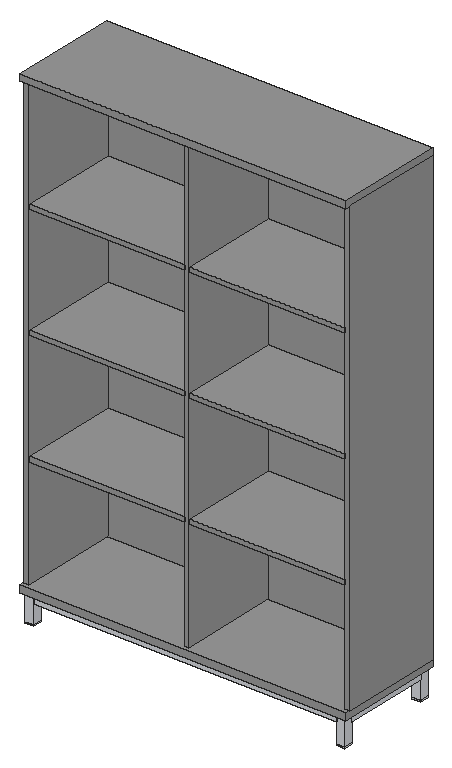
Revit family "Open Fronted Modular Storage With Glass Door Options", category Furniture, Revit 2019 (continued)
Definition of nested family "Glass Doors - GHD1 - Level 1"
  Definition of nested family "Handle Type B-1"
    Automatic sketch dimensions
      plane 1 "Center (Front/Back)" to Extrusion 11 sketch curve = 26.024 mm
      Extrusion 11 sketch curve to plane 3 "Center (Left/Right)" = 39.368 mm
      Extrusion 11 sketch curve to Extrusion 11 sketch curve = 1.632 mm
      plane 3 "Center (Left/Right)" to Extrusion 12 sketch curve = 4.368 mm
      plane 1 "Center (Front/Back)" to Extrusion 12 sketch curve = 56.707 mm
      Extrusion 12 sketch curve to Extrusion 12 sketch curve = 25.409 mm
      Extrusion 12 sketch curve to Extrusion 12 sketch curve = 1.632 mm
      plane 3 "Center (Left/Right)" to Extrusion 13 sketch curve = 9.368 mm
      plane 1 "Center (Front/Back)" to Extrusion 13 sketch curve = 56.707 mm
      Extrusion 13 sketch curve to Extrusion 13 sketch curve = 26.707 mm
      Extrusion 13 sketch curve to Extrusion 13 sketch curve = 1.632 mm
      plane 3 "Center (Left/Right)" to Extrusion 14 sketch curve = 14.368 mm
      plane 1 "Center (Front/Back)" to Extrusion 14 sketch curve = 56.707 mm
      Extrusion 14 sketch curve to Extrusion 14 sketch curve = 26.707 mm
      Extrusion 14 sketch curve to Extrusion 14 sketch curve = 1.632 mm
      plane 3 "Center (Left/Right)" to Extrusion 15 sketch curve = 19.368 mm
      plane 1 "Center (Front/Back)" to Extrusion 15 sketch curve = 56.707 mm
      Extrusion 15 sketch curve to Extrusion 15 sketch curve = 27.176 mm
      Extrusion 15 sketch curve to Extrusion 15 sketch curve = 1.632 mm
      plane 3 "Center (Left/Right)" to Extrusion 16 sketch curve = 24.368 mm
      plane 1 "Center (Front/Back)" to Extrusion 16 sketch curve = 56.707 mm
      Extrusion 16 sketch curve to Extrusion 16 sketch curve = 27.719 mm
      Extrusion 16 sketch curve to Extrusion 16 sketch curve = 1.632 mm
      plane 1 "Center (Front/Back)" to Extrusion 17 sketch curve = 56.707 mm
      plane 1 "Center (Front/Back)" to Extrusion 17 sketch curve = 28.173 mm
      plane 3 "Center (Left/Right)" to Extrusion 17 sketch curve = 31 mm
      Extrusion 17 sketch curve to Extrusion 17 sketch curve = 1.632 mm
      plane 1 "Center (Front/Back)" to Extrusion 18 sketch curve = 56.707 mm
      plane 1 "Center (Front/Back)" to Extrusion 18 sketch curve = 27.389 mm
      plane 3 "Center (Left/Right)" to Extrusion 18 sketch curve = 36 mm
      Extrusion 18 sketch curve to Extrusion 18 sketch curve = 1.632 mm
      plane 1 "Center (Front/Back)" to Extrusion 19 sketch curve = 56.707 mm
      plane 1 "Center (Front/Back)" to Extrusion 19 sketch curve = 26.024 mm
      plane 3 "Center (Left/Right)" to Extrusion 19 sketch curve = 41 mm
      Extrusion 19 sketch curve to Extrusion 19 sketch curve = 1.632 mm
      curve 4 to plane 1 "Center (Front/Back)" = 0 mm
      level to curve 4 = 994.578 mm
      radius of Extrusion 2 sketch curve = 4 mm  (x2)
  Definition of nested family "Handle Type D-1"
    Parameters (values of type "Handle Type D-1")
      URL = "www.gof.co.uk"
      Type Comments = ""
      Range = "STORAGE"
      Handle Type D = none
      Product Code = "Handle Type D"
      Model = ""
      Manufacturer = "Gresham Office Furniture"  # constant formula
      Assembly Code = "E2020200"
    Reference planes
      plane 1 "Center (Front/Back)": y = 0
      plane 2: z = 0
      plane 3 "Center (Left/Right)": x = 0
      plane 4: x = -475
      plane 5: x = 475
      plane 6: y = 260
      plane 7: y = -260
    Forms (mm)
      Extrusion 1, solid
        sketch origin (994.578, 0, 994.578) x (0, 0, 1) y (0, 1, 0)
          loop
            line (5, 0) -> (-5, 0) -> (-5, -6.91)
            arc (-5, -6.91) -> (-7.006, -15.176) -> (0, -20) r 7.5
            arc (0, -20) -> (7.006, -15.176) -> (5, -6.91) r 7.5
            line (5, -6.91) -> (5, 0)
        from 919.578 to 1069.578
    Lines and regions (mm)
      model lines, not visible, detail levels coarse+medium
        curve 1: line (75, 0, 999.578) -> (75, 0, 989.578)
        curve 2: line (-75, 0, 999.578) -> (-75, 0, 989.578)
      model lines, detail levels coarse+medium
        curve 3: line (-75, 0, 994.578) -> (75, 0, 994.578)
      model lines, not visible
        curve 4: line (0, 0, 999.578) -> (0, 0, 989.578)
    Dimensions and locks
      aligned and locked: level to plane 2
Definition of nested family "Glass Doors - GHD1 - Level 3"
  Parameters (values of type "Glass Doors - GHD1 - Level 3")
    Width = 1200 mm
    URL = "www.gof.co.uk"
    Range = "STORAGE"
    Product Data Specification = ""
    Product Code = "GHD1"
    Product Brochure = ""
    Model = "BOOKCASE"
    Manufacturer = "Gresham Office Furniture"  # constant formula
    Height = 1816 mm
    Handle Type D [instance] = no
    Handle Type C [instance] = yes
    Handle Type B [instance] = no
    Doors = none
    Depth = 378 mm
  Reference planes
    plane 1 "Center (Front/Back)": y = 0
    plane 2: z = 0
    plane 3 "Center (Left/Right)": x = 0
    plane 4: x = -600
    plane 5: x = 600
    plane 6: y = 189
    plane 7 "Front": y = -189
    plane 8 "Storage Top": z = 1816
    plane 9: z = 1803.5
    plane 10 "Door Front": y = -171
    plane 11: z = 112.5
    plane 12: z = 1791
    plane 13: z = 1400
    plane 14: z = 984
    plane 15: z = 959
    plane 16: z = 1375
    plane 17: z = 125
    plane 18: z = 100
  Forms (mm)
    Extrusion 1, solid, material <- "Doors"
      sketch origin (-839.743, -182, 1535.4) x (1, 0, 0) y (0, 0, 1)
        loop
          line (840.743, -575.4) -> (1439.743, -575.4) -> (1439.743, -163.4) -> (840.743, -163.4) -> (840.743, -575.4)
      from 0 to 7
    Extrusion 2, solid, material <- "Doors"
      sketch origin (839.743, -182, 1535.4) x (-1, 0, 0) y (0, 0, -1)
        loop
          line (840.743, 575.4) -> (840.743, 163.4) -> (1439.743, 163.4) -> (1439.743, 575.4) -> (840.743, 575.4)
      from 0 to 7
    Extrusion 3, solid
      sketch origin (0, -189, 416) x (-1, 0, 0) y (0, 0, 1)
        loop
          arc (570, 926) -> (553, 909) -> (570, 892) r 17
          line (570, 892) -> (595, 892) -> (595, 926) -> (570, 926)
      from 0 to -5
    Extrusion 4, solid
      sketch origin (0, -189, 416) x (1, 0, 0) y (0, 0, -1)
        loop
          line (570, -926) -> (595, -926) -> (595, -892) -> (570, -892)
          arc (570, -892) -> (553, -909) -> (570, -926) r 17
      from 0 to -5
    Extrusion 5, solid
      sketch origin (0, -189, 1916) x (-1, 0, 0) y (0, 0, 1)
        loop
          line (570, -926) -> (595, -926) -> (595, -892) -> (570, -892)
          arc (570, -892) -> (553, -909) -> (570, -926) r 17
      from 0 to -5
    Extrusion 6, solid
      sketch origin (0, -189, 1916) x (1, 0, 0) y (0, 0, -1)
        loop
          arc (570, 926) -> (553, 909) -> (570, 892) r 17
          line (570, 892) -> (595, 892) -> (595, 926) -> (570, 926)
      from 0 to -5
  Dimensions and locks
    equal spacing: plane 4, plane 3 "Center (Left/Right)", plane 5
    "Width": plane 4 to plane 5
    equal spacing: plane 6, plane 1 "Center (Front/Back)", plane 7 "Front"
    "Depth": plane 6 to plane 7 "Front"
    "Height": plane 8 "Storage Top" to plane 2
    locked: plane 8 "Storage Top" to plane 9 at 12.5
    locked: plane 10 "Door Front" to plane 7 "Front" at 18
    locked: plane 11 to level at 112.5
    locked: plane 8 "Storage Top" to plane 12 at 25
    plane 12 to plane 11 = 1678.5 mm  (x2)
    locked: plane 13 to level at 1400
    locked: plane 14 to level at 984
    locked: plane 14 to plane 15 at 25
    locked: plane 13 to plane 16 at 25
    locked: plane 17 to plane 18 at 25
    locked: Extrusion 1 to Extrusion 1 at 412
    locked: Extrusion 1 to nested 3 at 99
    locked: Extrusion 1 to nested 4 at 99
    locked: Extrusion 2 to Extrusion 2 at 412
    locked: Extrusion 2 to nested 6 at 99
    locked: Extrusion 2 to nested 5 at 99
    locked: Extrusion 2 to Extrusion 3 at 5
    locked: Extrusion 2 to Extrusion 3 at 30
    locked: Extrusion 5 to Extrusion 2 at 30
    locked: plane 4 to Extrusion 5 at 5
    locked: Extrusion 4 to plane 5 at 5
    locked: plane 16 to Extrusion 1 at 3
    nested 1 to Extrusion 1 = 84 mm
    nested 2 to Extrusion 2 = 84 mm
    Extrusion 2 to nested 2 = 99 mm
    Extrusion 1 to nested 1 = 99 mm
    aligned and locked: level to plane 2
    aligned and locked: Extrusion 5 to Extrusion 6
    aligned and locked: Extrusion 4 to Extrusion 3
    aligned and locked: Extrusion 6 to Extrusion 4
  Automatic sketch dimensions
    plane 5 to Extrusion 1 sketch curve = 0 mm
    plane 3 "Center (Left/Right)" to Extrusion 1 sketch curve = 1 mm
    plane 15 to Extrusion 1 sketch curve = 1 mm
    plane 16 to Extrusion 1 sketch curve = 3 mm
    Extrusion 2 sketch curve to plane 4 = 0 mm
    Extrusion 2 sketch curve to plane 3 "Center (Left/Right)" = 1 mm
    plane 16 to Extrusion 2 sketch curve = 3 mm
    plane 15 to Extrusion 2 sketch curve = 1 mm
    plane 4 to Extrusion 3 sketch curve = 30 mm
    plane 4 to Extrusion 3 sketch curve = 5 mm
    plane 16 to Extrusion 3 sketch curve = 67 mm
    Extrusion 3 sketch curve to Extrusion 3 sketch curve = 17 mm
    Extrusion 4 sketch curve to plane 5 = 30 mm
    Extrusion 4 sketch curve to plane 5 = 5 mm
    Extrusion 4 sketch curve to plane 16 = 67 mm
    Extrusion 4 sketch curve to Extrusion 4 sketch curve = 17 mm
    plane 14 to Extrusion 5 sketch curve = 6 mm
    Extrusion 5 sketch curve to plane 4 = 30 mm
    Extrusion 5 sketch curve to plane 4 = 5 mm
    Extrusion 5 sketch curve to Extrusion 5 sketch curve = 17 mm
    Extrusion 6 sketch curve to plane 14 = 6 mm
    plane 5 to Extrusion 6 sketch curve = 30 mm
    plane 5 to Extrusion 6 sketch curve = 5 mm
    Extrusion 6 sketch curve to Extrusion 6 sketch curve = 17 mm
  Nested families
    nested 1: "Handle Type C-1" at (175, -189, 62.862) x (-1, 0, 0) z (0, 0, 1), visible <- "Handle Type C", type "Handle Type C-1"
    nested 2: "Handle Type C-1" at (-175, -189, 62.862), visible <- "Handle Type C", type "Handle Type C-1"
    nested 3: "Handle Type B-1" at (175, -189, 49.422) x (-1, 0, 0) z (0, 0, 1), visible <- "Handle Type B", type "Handle Type B-1"
    nested 4: "Handle Type D-1" at (175, -189, 49.422) x (-1, 0, 0) z (0, 0, 1), visible <- "Handle Type D", type "Handle Type D-1"
    nested 5: "Handle Type B-1" at (-175, -189, 49.422), visible <- "Handle Type B", type "Handle Type B-1"
    nested 6: "Handle Type D-1" at (-175, -189, 49.422), visible <- "Handle Type D", type "Handle Type D-1"
  Definition of nested family "Handle Type C-1"
    Parameters (values of type "Handle Type C-1")
      URL = "www.gof.co.uk"
      Type Comments = ""
      Range = "STORAGE"
      Handle Type C = none
      Product Code = "Handle Type C"
      Model = ""
      Manufacturer = "Gresham Office Furniture"  # constant formula
      Assembly Code = "E2020200"
    Reference planes
      plane 1 "Center (Front/Back)": y = 0
      plane 2: z = 0
      plane 3 "Center (Left/Right)": x = 0
      plane 4: x = -475
      plane 5: x = 475
      plane 6 "Storage Top": z = 2007
      plane 7: y = 260
      plane 8: y = -260
    Forms (mm)
      Extrusion 1, void
        sketch origin (981.138, 0, 981.138) x (0, 1, 0) y (-1, 0, 0)
          loop
            line (0, 1072) -> (0, 884.5) -> (27.401, 884.5) -> (27.401, 1072) -> (0, 1072)
        from -12.204 to 11.22
      Sweep 2, solid, material <- "Handle Type C"
        path in 3D
          loop
            arc (-78.75, 3.75, 981.138) -> (0, -30, 981.138) -> (78.75, 3.75, 981.138) r 108.75
        profile origin (0, -30, 981.138) x (0, 1, 0) y (0, 0, 1)
          loop
            circle (0, 0) r 5
    Cuts and joins
      Extrusion 1 cuts Sweep 2
    Lines and regions (mm)
      model lines, detail levels coarse+medium
        curve 1: line (68, 0, 981.138) -> (-68, 0, 981.138)
      model lines, not visible, detail levels coarse+medium
        curve 2: line (0, 0, 986.138) -> (0, 0, 976.138)
      model lines, not visible
        curve 3: line (0, 0, 981.138) -> (0, -30, 981.138)
        curve 5: line (-75, 0, 976.138) -> (-75, 0, 986.138)
        curve 6: line (75, 0, 986.138) -> (75, 0, 976.138)
      sketch lines
        curve 4: arc (-78.75, 3.75, 981.138) -> (0, -30, 981.138) -> (78.75, 3.75, 981.138) r 108.75
    Dimensions and locks
      equal spacing: plane 4, plane 3 "Center (Left/Right)", plane 5
      locked: plane 4 to plane 5 at 950
      equal spacing: plane 7, plane 1 "Center (Front/Back)", plane 8
      locked: plane 7 to plane 8 at 520
      aligned and locked: level to plane 2
    Automatic sketch dimensions
      curve 3 to plane 1 "Center (Front/Back)" = 0 mm
      plane 1 "Center (Front/Back)" to curve 3 = 30 mm
      curve 2 to plane 3 "Center (Left/Right)" = 0 mm
      level to curve 2 = 976.138 mm
      curve 1 to plane 3 "Center (Left/Right)" = 68 mm
      curve 5 to curve 1 = 7 mm
      plane 3 "Center (Left/Right)" to curve 1 = 68 mm
      curve 1 to curve 6 = 7 mm
      curve 6 to curve 2 = 0 mm
      curve 5 to curve 2 = 0 mm
      curve 5 to curve 1 = 5 mm
      curve 1 to curve 6 = 5 mm
      curve 1 to curve 5 = 5 mm
      curve 2 to curve 2 = 10 mm
      plane 1 "Center (Front/Back)" to Extrusion 1 sketch curve = 0 mm
      Extrusion 1 sketch curve to plane 1 "Center (Front/Back)" = 27.401 mm
      plane 3 "Center (Left/Right)" to Extrusion 1 sketch curve = 96.638 mm
      Extrusion 1 sketch curve to plane 3 "Center (Left/Right)" = 90.862 mm
      Sweep 2 sketch curve to profile plane = 0 mm  (x2)
      level to curve 3 = 981.138 mm
      radius of Sweep 2 sketch curve = 5 mm
  Definition of nested family "Handle Type B-1"
    Parameters (values of type "Handle Type B-1")
      URL = "www.gof.co.uk"
      Type Comments = ""
      Range = "STORAGE"
      Handle Type B = none
      Product Code = "Handle Type B"
      Model = ""
      Manufacturer = "Gresham Office Furniture"  # constant formula
      Assembly Code = "E2020200"
    Reference planes
      plane 1 "Center (Front/Back)": y = 0
      plane 2: z = 0
      plane 3 "Center (Left/Right)": x = 0
      plane 4: x = -475
      plane 5: x = 475
      plane 6: y = 260
      plane 7: y = -260
    Forms (mm)
      Extrusion 1, void
        sketch origin (872.923, -128.373, 994.578) x (0, 1, 0) y (-1, 0, 0)
          loop
            line (71.667, 873.923) -> (71.667, 872.291) -> (97.075, 872.291) -> (97.075, 873.923) -> (71.667, 873.923)
        from -6 to 6
      Extrusion 2, solid
        sketch origin (988.138, 0, 994.578) x (0, 0, 1) y (-1, 0, 0)
          loop
            circle (0, 1063.138) r 4
          loop
            circle (0, 913.138) r 4
        from 0 to 10.354
      Sweep 3, solid
        path in 3D
          loop
            arc (-85, -5, 994.578) -> (0, -30, 994.578) -> (85, -5, 994.578) r 157
        profile origin (0, -30, 994.578) x (0, 1, 0) y (0, 0, 1)
          loop
            spline (0, 7.5) -> (-0.776, 7.244) -> (-1.5, 6.495) -> (-2.121, 5.303) -> (-2.598, 3.75) -> (-2.898, 1.941) -> (-3, 0) -> (-2.898, -1.941) -> (-2.598, -3.75) -> (-2.121, -5.303) -> (-1.5, -6.495) -> (-0.776, -7.244) -> (0, -7.5)
            spline (0, -7.5) -> (0.776, -7.244) -> (1.5, -6.495) -> (2.121, -5.303) -> (2.598, -3.75) -> (2.898, -1.941) -> (3, 0) -> (2.898, 1.941) -> (2.598, 3.75) -> (2.121, 5.303) -> (1.5, 6.495) -> (0.776, 7.244) -> (0, 7.5)
      Extrusion 4, void
        sketch origin (867.923, -128.373, 994.578) x (0, 1, 0) y (-1, 0, 0)
          loop
            line (71.667, 873.923) -> (71.667, 872.291) -> (97.075, 872.291) -> (97.075, 873.923) -> (71.667, 873.923)
        from -6 to 6
      Extrusion 5, void
        sketch origin (862.923, -128.373, 994.578) x (0, 1, 0) y (-1, 0, 0)
          loop
            line (71.667, 873.923) -> (71.667, 872.291) -> (98.373, 872.291) -> (98.373, 873.923) -> (71.667, 873.923)
        from -6 to 6
      Extrusion 6, void
        sketch origin (857.923, -128.373, 994.578) x (0, 1, 0) y (-1, 0, 0)
          loop
            line (71.667, 873.923) -> (71.667, 872.291) -> (98.373, 872.291) -> (98.373, 873.923) -> (71.667, 873.923)
        from -6 to 6
      Extrusion 7, void
        sketch origin (852.923, -128.373, 994.578) x (0, 1, 0) y (-1, 0, 0)
          loop
            line (71.667, 873.923) -> (71.667, 872.291) -> (98.842, 872.291) -> (98.842, 873.923) -> (71.667, 873.923)
        from -6 to 6
      Extrusion 8, void
        sketch origin (847.923, -128.373, 994.578) x (0, 1, 0) y (-1, 0, 0)
          loop
            line (71.667, 873.923) -> (71.667, 872.291) -> (99.385, 872.291) -> (99.385, 873.923) -> (71.667, 873.923)
        from -6 to 6
      Extrusion 9, void
        sketch origin (842.923, -128.373, 994.578) x (0, 1, 0) y (-1, 0, 0)
          loop
            line (71.667, 873.923) -> (71.667, 872.291) -> (100.2, 872.291) -> (100.2, 873.923) -> (71.667, 873.923)
        from -6 to 6
      Extrusion 10, void
        sketch origin (837.923, -128.373, 994.578) x (0, 1, 0) y (-1, 0, 0)
          loop
            line (71.667, 873.923) -> (71.667, 872.291) -> (100.984, 872.291) -> (100.984, 873.923) -> (71.667, 873.923)
        from -6 to 6
      Extrusion 11, void
        sketch origin (832.923, -128.373, 994.578) x (0, 1, 0) y (-1, 0, 0)
          loop
            line (71.667, 873.923) -> (71.667, 872.291) -> (102.35, 872.291) -> (102.35, 873.923) -> (71.667, 873.923)
        from -6 to 6
      Extrusion 12, void
        sketch origin (-867.923, -128.373, 994.578) x (0, 1, 0) y (-1, 0, 0)
          loop
            line (71.667, -873.923) -> (97.075, -873.923) -> (97.075, -872.291) -> (71.667, -872.291) -> (71.667, -873.923)
        from -6 to 6
      Extrusion 13, void
        sketch origin (-862.923, -128.373, 994.578) x (0, 1, 0) y (-1, 0, 0)
          loop
            line (71.667, -873.923) -> (98.373, -873.923) -> (98.373, -872.291) -> (71.667, -872.291) -> (71.667, -873.923)
        from -6 to 6
      Extrusion 14, void
        sketch origin (-857.923, -128.373, 994.578) x (0, 1, 0) y (-1, 0, 0)
          loop
            line (71.667, -873.923) -> (98.373, -873.923) -> (98.373, -872.291) -> (71.667, -872.291) -> (71.667, -873.923)
        from -6 to 6
      Extrusion 15, void
        sketch origin (-852.923, -128.373, 994.578) x (0, 1, 0) y (-1, 0, 0)
          loop
            line (71.667, -873.923) -> (98.842, -873.923) -> (98.842, -872.291) -> (71.667, -872.291) -> (71.667, -873.923)
        from -6 to 6
      Extrusion 16, void
        sketch origin (-847.923, -128.373, 994.578) x (0, 1, 0) y (-1, 0, 0)
          loop
            line (71.667, -873.923) -> (99.385, -873.923) -> (99.385, -872.291) -> (71.667, -872.291) -> (71.667, -873.923)
        from -6 to 6
      Extrusion 17, void
        sketch origin (-842.923, -128.373, 994.578) x (0, 1, 0) y (-1, 0, 0)
          loop
            line (71.667, -873.923) -> (100.2, -873.923) -> (100.2, -872.291) -> (71.667, -872.291) -> (71.667, -873.923)
        from -6 to 6
      Extrusion 18, void
        sketch origin (-837.923, -128.373, 994.578) x (0, 1, 0) y (-1, 0, 0)
          loop
            line (71.667, -873.923) -> (100.984, -873.923) -> (100.984, -872.291) -> (71.667, -872.291) -> (71.667, -873.923)
        from -6 to 6
      Extrusion 19, void
        sketch origin (-832.923, -128.373, 994.578) x (0, 1, 0) y (-1, 0, 0)
          loop
            line (71.667, -873.923) -> (102.35, -873.923) -> (102.35, -872.291) -> (71.667, -872.291) -> (71.667, -873.923)
        from -6 to 6
    Cuts and joins
      Extrusion 1, Extrusion 4, Extrusion 5, Extrusion 6, Extrusion 7, Extrusion 8, Extrusion 9, Extrusion 10, Extrusion 11, Extrusion 12, Extrusion 13, Extrusion 14, Extrusion 15, Extrusion 16, Extrusion 17, Extrusion 18, Extrusion 19 cuts Sweep 3
    Lines and regions (mm)
      model lines, not visible, detail levels coarse+medium
        curve 1: line (75, 0, 999.578) -> (75, 0, 989.578)
      model lines, not visible
        curve 2: line (-75, 0, 999.578) -> (-75, 0, 989.578)
        curve 4: line (0, 0, 994.578) -> (0, -30, 994.578)
        curve 6: line (0, 0, 999.578) -> (0, 0, 989.578)
      model lines
        curve 3: line (-75, 0, 994.578) -> (75, 0, 994.578)
      sketch lines
        curve 5: arc (-85, -5, 994.578) -> (0, -30, 994.578) -> (85, -5, 994.578) r 157
    Dimensions and locks
      equal spacing: plane 4, plane 3 "Center (Left/Right)", plane 5
      locked: plane 4 to plane 5 at 950
      equal spacing: plane 6, plane 1 "Center (Front/Back)", plane 7
      locked: plane 6 to plane 7 at 520
      aligned and locked: level to plane 2
    Automatic sketch dimensions
      curve 4 to curve 4 = 30 mm
      curve 6 to plane 3 "Center (Left/Right)" = 0 mm
      plane 3 "Center (Left/Right)" to curve 1 = 75 mm
      level to curve 1 = 989.578 mm
      curve 3 to plane 3 "Center (Left/Right)" = 75 mm
      curve 2 to curve 1 = 0 mm
      curve 6 to curve 1 = 0 mm
      curve 2 to curve 3 = 5 mm
      curve 6 to curve 6 = 10 mm
      curve 3 to curve 2 = 5 mm
      curve 3 to curve 1 = 5 mm
      plane 3 "Center (Left/Right)" to Extrusion 1 sketch curve = 0.632 mm
      plane 1 "Center (Front/Back)" to Extrusion 1 sketch curve = 56.707 mm
      Extrusion 1 sketch curve to Extrusion 1 sketch curve = 25.409 mm
      Extrusion 1 sketch curve to plane 3 "Center (Left/Right)" = 1 mm
      plane 3 "Center (Left/Right)" to Extrusion 2 sketch curve = 75 mm
      level to Extrusion 2 sketch curve = 994.578 mm
      Extrusion 2 sketch curve to plane 3 "Center (Left/Right)" = 75 mm
      Extrusion 2 sketch curve to Extrusion 2 sketch curve = 0 mm
      Sweep 3 sketch curve to profile plane = 0 mm  (x2)
      Sweep 3 sketch curve to Sweep 3 sketch curve = 7.5 mm
      Extrusion 4 sketch curve to plane 3 "Center (Left/Right)" = 4.368 mm
      plane 1 "Center (Front/Back)" to Extrusion 4 sketch curve = 56.707 mm
      Extrusion 4 sketch curve to Extrusion 4 sketch curve = 25.409 mm
      Extrusion 4 sketch curve to Extrusion 4 sketch curve = 1.632 mm
      Extrusion 5 sketch curve to plane 3 "Center (Left/Right)" = 9.368 mm
      plane 1 "Center (Front/Back)" to Extrusion 5 sketch curve = 56.707 mm
      Extrusion 5 sketch curve to Extrusion 5 sketch curve = 26.707 mm
      Extrusion 5 sketch curve to Extrusion 5 sketch curve = 1.632 mm
      Extrusion 6 sketch curve to plane 3 "Center (Left/Right)" = 14.368 mm
      plane 1 "Center (Front/Back)" to Extrusion 6 sketch curve = 56.707 mm
      Extrusion 6 sketch curve to Extrusion 6 sketch curve = 26.707 mm
      Extrusion 6 sketch curve to Extrusion 6 sketch curve = 1.632 mm
      Extrusion 7 sketch curve to plane 3 "Center (Left/Right)" = 19.368 mm
      plane 1 "Center (Front/Back)" to Extrusion 7 sketch curve = 56.707 mm
      Extrusion 7 sketch curve to Extrusion 7 sketch curve = 27.176 mm
      Extrusion 7 sketch curve to Extrusion 7 sketch curve = 1.632 mm
      Extrusion 8 sketch curve to plane 3 "Center (Left/Right)" = 24.368 mm
      plane 1 "Center (Front/Back)" to Extrusion 8 sketch curve = 56.707 mm
      Extrusion 8 sketch curve to Extrusion 8 sketch curve = 27.719 mm
      Extrusion 8 sketch curve to Extrusion 8 sketch curve = 1.632 mm
      plane 1 "Center (Front/Back)" to Extrusion 9 sketch curve = 56.707 mm
      plane 1 "Center (Front/Back)" to Extrusion 9 sketch curve = 28.173 mm
      Extrusion 9 sketch curve to plane 3 "Center (Left/Right)" = 29.368 mm
      Extrusion 9 sketch curve to Extrusion 9 sketch curve = 1.632 mm
      plane 1 "Center (Front/Back)" to Extrusion 10 sketch curve = 56.707 mm
      plane 1 "Center (Front/Back)" to Extrusion 10 sketch curve = 27.389 mm
      Extrusion 10 sketch curve to plane 3 "Center (Left/Right)" = 34.368 mm
      Extrusion 10 sketch curve to Extrusion 10 sketch curve = 1.632 mm
      plane 1 "Center (Front/Back)" to Extrusion 11 sketch curve = 56.707 mm
      plane 1 "Center (Front/Back)" to Extrusion 11 sketch curve = 26.024 mm
      Extrusion 11 sketch curve to plane 3 "Center (Left/Right)" = 39.368 mm
      Extrusion 11 sketch curve to Extrusion 11 sketch curve = 1.632 mm
      plane 3 "Center (Left/Right)" to Extrusion 12 sketch curve = 4.368 mm
      plane 1 "Center (Front/Back)" to Extrusion 12 sketch curve = 56.707 mm
      Extrusion 12 sketch curve to Extrusion 12 sketch curve = 25.409 mm
      Extrusion 12 sketch curve to Extrusion 12 sketch curve = 1.632 mm
      plane 3 "Center (Left/Right)" to Extrusion 13 sketch curve = 9.368 mm
      plane 1 "Center (Front/Back)" to Extrusion 13 sketch curve = 56.707 mm
      Extrusion 13 sketch curve to Extrusion 13 sketch curve = 26.707 mm
      Extrusion 13 sketch curve to Extrusion 13 sketch curve = 1.632 mm
      plane 3 "Center (Left/Right)" to Extrusion 14 sketch curve = 14.368 mm
      plane 1 "Center (Front/Back)" to Extrusion 14 sketch curve = 56.707 mm
      Extrusion 14 sketch curve to Extrusion 14 sketch curve = 26.707 mm
      Extrusion 14 sketch curve to Extrusion 14 sketch curve = 1.632 mm
      plane 3 "Center (Left/Right)" to Extrusion 15 sketch curve = 19.368 mm
      plane 1 "Center (Front/Back)" to Extrusion 15 sketch curve = 56.707 mm
      Extrusion 15 sketch curve to Extrusion 15 sketch curve = 27.176 mm
      Extrusion 15 sketch curve to Extrusion 15 sketch curve = 1.632 mm
      plane 3 "Center (Left/Right)" to Extrusion 16 sketch curve = 24.368 mm
      plane 1 "Center (Front/Back)" to Extrusion 16 sketch curve = 56.707 mm
      Extrusion 16 sketch curve to Extrusion 16 sketch curve = 27.719 mm
      Extrusion 16 sketch curve to Extrusion 16 sketch curve = 1.632 mm
      plane 1 "Center (Front/Back)" to Extrusion 17 sketch curve = 56.707 mm
      plane 1 "Center (Front/Back)" to Extrusion 17 sketch curve = 28.173 mm
      plane 3 "Center (Left/Right)" to Extrusion 17 sketch curve = 31 mm
      Extrusion 17 sketch curve to Extrusion 17 sketch curve = 1.632 mm
      plane 1 "Center (Front/Back)" to Extrusion 18 sketch curve = 56.707 mm
      plane 1 "Center (Front/Back)" to Extrusion 18 sketch curve = 27.389 mm
      plane 3 "Center (Left/Right)" to Extrusion 18 sketch curve = 36 mm
      Extrusion 18 sketch curve to Extrusion 18 sketch curve = 1.632 mm
      plane 1 "Center (Front/Back)" to Extrusion 19 sketch curve = 56.707 mm
      plane 1 "Center (Front/Back)" to Extrusion 19 sketch curve = 26.024 mm
      plane 3 "Center (Left/Right)" to Extrusion 19 sketch curve = 41 mm
      Extrusion 19 sketch curve to Extrusion 19 sketch curve = 1.632 mm
      curve 4 to plane 1 "Center (Front/Back)" = 0 mm
      level to curve 4 = 994.578 mm
      radius of Extrusion 2 sketch curve = 4 mm  (x2)
  Definition of nested family "Handle Type D-1"
    Parameters (values of type "Handle Type D-1")
      URL = "www.gof.co.uk"
      Type Comments = ""
      Range = "STORAGE"
      Handle Type D = none
      Product Code = "Handle Type D"
      Model = ""
      Manufacturer = "Gresham Office Furniture"  # constant formula
      Assembly Code = "E2020200"
    Reference planes
      plane 1 "Center (Front/Back)": y = 0
      plane 2: z = 0
      plane 3 "Center (Left/Right)": x = 0
      plane 4: x = -475
      plane 5: x = 475
      plane 6: y = 260
      plane 7: y = -260
    Forms (mm)
      Extrusion 1, solid
        sketch origin (994.578, 0, 994.578) x (0, 0, 1) y (0, 1, 0)
          loop
            line (5, 0) -> (-5, 0) -> (-5, -6.91)
            arc (-5, -6.91) -> (-7.006, -15.176) -> (0, -20) r 7.5
            arc (0, -20) -> (7.006, -15.176) -> (5, -6.91) r 7.5
            line (5, -6.91) -> (5, 0)
        from 919.578 to 1069.578
    Lines and regions (mm)
      model lines, not visible, detail levels coarse+medium
        curve 1: line (75, 0, 999.578) -> (75, 0, 989.578)
        curve 2: line (-75, 0, 999.578) -> (-75, 0, 989.578)
      model lines, detail levels coarse+medium
        curve 3: line (-75, 0, 994.578) -> (75, 0, 994.578)
      model lines, not visible
        curve 4: line (0, 0, 999.578) -> (0, 0, 989.578)
    Dimensions and locks
      aligned and locked: level to plane 2
Definition of nested family "Glass Doors - GHD1 - Level 4"
  Parameters (values of type "Glass Doors - GHD1 - Level 4")
    Width = 1200 mm
    URL = "www.gof.co.uk"
    Range = "STORAGE"
    Product Data Specification = ""
    Product Code = "GHD1"
    Product Brochure = ""
    Model = "BOOKCASE"
    Manufacturer = "Gresham Office Furniture"  # constant formula
    Height = 1816 mm
    Handle Type D [instance] = no
    Handle Type C [instance] = yes
    Handle Type B [instance] = no
    Doors = none
    Depth = 378 mm
  Reference planes
    plane 1 "Center (Front/Back)": y = 0
    plane 2: z = 0
    plane 3 "Center (Left/Right)": x = 0
    plane 4: x = -600
    plane 5: x = 600
    plane 6: y = 189
    plane 7 "Front": y = -189
    plane 8 "Storage Top": z = 1816
    plane 9: z = 1803.5
    plane 10 "Door Front": y = -171
    plane 11: z = 112.5
    plane 12: z = 1791
    plane 13: z = 1400
    plane 14: z = 984
    plane 15: z = 959
    plane 16: z = 1375
    plane 17: z = 125
    plane 18: z = 100
  Forms (mm)
    Extrusion 1, solid, material <- "Doors"
      sketch origin (839.743, -182, 1951.4) x (-1, 0, 0) y (0, 0, -1)
        loop
          line (840.743, 575.4) -> (840.743, 163.4) -> (1439.743, 163.4) -> (1439.743, 575.4) -> (840.743, 575.4)
      from 0 to 7
    Extrusion 2, solid
      sketch origin (0, -189, 832) x (-1, 0, 0) y (0, 0, 1)
        loop
          arc (570, 926) -> (553, 909) -> (570, 892) r 17
          line (570, 892) -> (595, 892) -> (595, 926) -> (570, 926)
      from 0 to -5
    Extrusion 3, solid
      sketch origin (0, -189, 832) x (1, 0, 0) y (0, 0, -1)
        loop
          line (570, -926) -> (595, -926) -> (595, -892) -> (570, -892)
          arc (570, -892) -> (553, -909) -> (570, -926) r 17
      from 0 to -5
    Extrusion 4, solid
      sketch origin (0, -189, 2332) x (-1, 0, 0) y (0, 0, 1)
        loop
          line (570, -926) -> (595, -926) -> (595, -892) -> (570, -892)
          arc (570, -892) -> (553, -909) -> (570, -926) r 17
      from 0 to -5
    Extrusion 5, solid
      sketch origin (0, -189, 2332) x (1, 0, 0) y (0, 0, -1)
        loop
          arc (570, 926) -> (553, 909) -> (570, 892) r 17
          line (570, 892) -> (595, 892) -> (595, 926) -> (570, 926)
      from 0 to -5
    Extrusion 6, solid, material <- "Doors"
      sketch origin (-839.743, -182, 1951.4) x (1, 0, 0) y (0, 0, 1)
        loop
          line (840.743, -575.4) -> (1439.743, -575.4) -> (1439.743, -163.4) -> (840.743, -163.4) -> (840.743, -575.4)
      from 0 to 7
  Dimensions and locks
    equal spacing: plane 4, plane 3 "Center (Left/Right)", plane 5
    "Width": plane 4 to plane 5
    equal spacing: plane 6, plane 1 "Center (Front/Back)", plane 7 "Front"
    "Depth": plane 6 to plane 7 "Front"
    "Height": plane 8 "Storage Top" to plane 2
    locked: plane 8 "Storage Top" to plane 9 at 12.5
    locked: plane 10 "Door Front" to plane 7 "Front" at 18
    locked: plane 11 to level at 112.5
    locked: plane 8 "Storage Top" to plane 12 at 25
    plane 12 to plane 11 = 1678.5 mm  (x2)
    locked: plane 13 to level at 1400
    locked: plane 14 to level at 984
    locked: plane 14 to plane 15 at 25
    locked: plane 13 to plane 16 at 25
    locked: plane 17 to plane 18 at 25
    locked: Extrusion 1 to Extrusion 1 at 412
    locked: Extrusion 1 to nested 6 at 99  (x2)
    locked: Extrusion 1 to nested 5 at 99
    locked: Extrusion 1 to Extrusion 2 at 5
    locked: Extrusion 1 to Extrusion 2 at 30
    locked: Extrusion 4 to Extrusion 1 at 30
    locked: plane 4 to Extrusion 4 at 5
    locked: Extrusion 3 to plane 5 at 5
    nested 2 to Extrusion 1 = 84 mm
    Extrusion 1 to nested 2 = 99 mm
    locked: Extrusion 6 to Extrusion 6 at 412
    locked: nested 4 to Extrusion 6 at 99
    locked: nested 1 to Extrusion 6 at 84
    locked: Extrusion 6 to nested 1 at 99
    locked: Extrusion 6 to nested 3 at 99
    locked: nested 3 to Extrusion 6 at 84
    locked: nested 5 to Extrusion 1 at 84
    locked: nested 6 to Extrusion 1 at 84
    locked: nested 4 to Extrusion 6 at 84
    aligned and locked: level to plane 2
    aligned and locked: Extrusion 4 to Extrusion 5
    aligned and locked: Extrusion 3 to Extrusion 2
    aligned and locked: Extrusion 5 to Extrusion 3
  Automatic sketch dimensions
    Extrusion 1 sketch curve to plane 4 = 0 mm
    Extrusion 1 sketch curve to plane 3 "Center (Left/Right)" = 1 mm
    Extrusion 1 sketch curve to plane 12 = 3 mm
    Extrusion 1 sketch curve to plane 16 = 1 mm
    plane 4 to Extrusion 2 sketch curve = 30 mm
    plane 4 to Extrusion 2 sketch curve = 5 mm
    Extrusion 2 sketch curve to plane 12 = 67 mm
    Extrusion 2 sketch curve to Extrusion 2 sketch curve = 17 mm
    Extrusion 3 sketch curve to plane 5 = 30 mm
    Extrusion 3 sketch curve to plane 5 = 5 mm
    plane 12 to Extrusion 3 sketch curve = 67 mm
    Extrusion 3 sketch curve to Extrusion 3 sketch curve = 17 mm
    plane 13 to Extrusion 4 sketch curve = 6 mm
    Extrusion 4 sketch curve to plane 4 = 30 mm
    Extrusion 4 sketch curve to plane 4 = 5 mm
    Extrusion 4 sketch curve to Extrusion 4 sketch curve = 17 mm
    Extrusion 5 sketch curve to plane 13 = 6 mm
    plane 5 to Extrusion 5 sketch curve = 30 mm
    plane 5 to Extrusion 5 sketch curve = 5 mm
    Extrusion 5 sketch curve to Extrusion 5 sketch curve = 17 mm
    plane 5 to Extrusion 6 sketch curve = 0 mm
    plane 3 "Center (Left/Right)" to Extrusion 6 sketch curve = 1 mm
    Extrusion 6 sketch curve to plane 16 = 1 mm
    Extrusion 6 sketch curve to plane 12 = 3 mm
  Nested families
    nested 1: "Handle Type C-1" at (175, -189, 478.862) x (-1, 0, 0) z (0, 0, 1), visible <- "Handle Type C", type "Handle Type C-1"
    nested 2: "Handle Type C-1" at (-175, -189, 478.862), visible <- "Handle Type C", type "Handle Type C-1"
    nested 3: "Handle Type B-1" at (175, -189, 465.422) x (-1, 0, 0) z (0, 0, 1), visible <- "Handle Type B", type "Handle Type B-1"
    nested 4: "Handle Type D-1" at (175, -189, 465.422) x (-1, 0, 0) z (0, 0, 1), visible <- "Handle Type D", type "Handle Type D-1"
    nested 5: "Handle Type B-1" at (-175, -189, 465.422), visible <- "Handle Type B", type "Handle Type B-1"
    nested 6: "Handle Type D-1" at (-175, -189, 465.422), visible <- "Handle Type D", type "Handle Type D-1"
  Definition of nested family "Handle Type C-1"
    Parameters (values of type "Handle Type C-1")
      URL = "www.gof.co.uk"
      Type Comments = ""
      Range = "STORAGE"
      Handle Type C = none
      Product Code = "Handle Type C"
      Model = ""
      Manufacturer = "Gresham Office Furniture"  # constant formula
      Assembly Code = "E2020200"
    Reference planes
      plane 1 "Center (Front/Back)": y = 0
      plane 2: z = 0
      plane 3 "Center (Left/Right)": x = 0
      plane 4: x = -475
      plane 5: x = 475
      plane 6 "Storage Top": z = 2007
      plane 7: y = 260
      plane 8: y = -260
    Forms (mm)
      Extrusion 1, void
        sketch origin (981.138, 0, 981.138) x (0, 1, 0) y (-1, 0, 0)
          loop
            line (0, 1072) -> (0, 884.5) -> (27.401, 884.5) -> (27.401, 1072) -> (0, 1072)
        from -12.204 to 11.22
      Sweep 2, solid, material <- "Handle Type C"
        path in 3D
          loop
            arc (-78.75, 3.75, 981.138) -> (0, -30, 981.138) -> (78.75, 3.75, 981.138) r 108.75
        profile origin (0, -30, 981.138) x (0, 1, 0) y (0, 0, 1)
          loop
            circle (0, 0) r 5
    Cuts and joins
      Extrusion 1 cuts Sweep 2
    Lines and regions (mm)
      model lines, detail levels coarse+medium
        curve 1: line (68, 0, 981.138) -> (-68, 0, 981.138)
      model lines, not visible, detail levels coarse+medium
        curve 2: line (0, 0, 986.138) -> (0, 0, 976.138)
      model lines, not visible
        curve 3: line (0, 0, 981.138) -> (0, -30, 981.138)
        curve 5: line (-75, 0, 976.138) -> (-75, 0, 986.138)
        curve 6: line (75, 0, 986.138) -> (75, 0, 976.138)
      sketch lines
        curve 4: arc (-78.75, 3.75, 981.138) -> (0, -30, 981.138) -> (78.75, 3.75, 981.138) r 108.75
    Dimensions and locks
      equal spacing: plane 4, plane 3 "Center (Left/Right)", plane 5
      locked: plane 4 to plane 5 at 950
      equal spacing: plane 7, plane 1 "Center (Front/Back)", plane 8
      locked: plane 7 to plane 8 at 520
      aligned and locked: level to plane 2
    Automatic sketch dimensions
      curve 3 to plane 1 "Center (Front/Back)" = 0 mm
      plane 1 "Center (Front/Back)" to curve 3 = 30 mm
      curve 2 to plane 3 "Center (Left/Right)" = 0 mm
      level to curve 2 = 976.138 mm
      curve 1 to plane 3 "Center (Left/Right)" = 68 mm
      curve 5 to curve 1 = 7 mm
      plane 3 "Center (Left/Right)" to curve 1 = 68 mm
      curve 1 to curve 6 = 7 mm
      curve 6 to curve 2 = 0 mm
      curve 5 to curve 2 = 0 mm
      curve 5 to curve 1 = 5 mm
      curve 1 to curve 6 = 5 mm
      curve 1 to curve 5 = 5 mm
      curve 2 to curve 2 = 10 mm
      plane 1 "Center (Front/Back)" to Extrusion 1 sketch curve = 0 mm
      Extrusion 1 sketch curve to plane 1 "Center (Front/Back)" = 27.401 mm
      plane 3 "Center (Left/Right)" to Extrusion 1 sketch curve = 96.638 mm
      Extrusion 1 sketch curve to plane 3 "Center (Left/Right)" = 90.862 mm
      Sweep 2 sketch curve to profile plane = 0 mm  (x2)
      level to curve 3 = 981.138 mm
      radius of Sweep 2 sketch curve = 5 mm
  Definition of nested family "Handle Type B-1"
    Parameters (values of type "Handle Type B-1")
      URL = "www.gof.co.uk"
      Type Comments = ""
      Range = "STORAGE"
      Handle Type B = none
      Product Code = "Handle Type B"
      Model = ""
      Manufacturer = "Gresham Office Furniture"  # constant formula
      Assembly Code = "E2020200"
    Reference planes
      plane 1 "Center (Front/Back)": y = 0
      plane 2: z = 0
      plane 3 "Center (Left/Right)": x = 0
      plane 4: x = -475
      plane 5: x = 475
      plane 6: y = 260
      plane 7: y = -260
    Forms (mm)
      Extrusion 1, void
        sketch origin (872.923, -128.373, 994.578) x (0, 1, 0) y (-1, 0, 0)
          loop
            line (71.667, 873.923) -> (71.667, 872.291) -> (97.075, 872.291) -> (97.075, 873.923) -> (71.667, 873.923)
        from -6 to 6
      Extrusion 2, solid
        sketch origin (988.138, 0, 994.578) x (0, 0, 1) y (-1, 0, 0)
          loop
            circle (0, 1063.138) r 4
          loop
            circle (0, 913.138) r 4
        from 0 to 10.354
      Sweep 3, solid
        path in 3D
          loop
            arc (-85, -5, 994.578) -> (0, -30, 994.578) -> (85, -5, 994.578) r 157
        profile origin (0, -30, 994.578) x (0, 1, 0) y (0, 0, 1)
          loop
            spline (0, 7.5) -> (-0.776, 7.244) -> (-1.5, 6.495) -> (-2.121, 5.303) -> (-2.598, 3.75) -> (-2.898, 1.941) -> (-3, 0) -> (-2.898, -1.941) -> (-2.598, -3.75) -> (-2.121, -5.303) -> (-1.5, -6.495) -> (-0.776, -7.244) -> (0, -7.5)
            spline (0, -7.5) -> (0.776, -7.244) -> (1.5, -6.495) -> (2.121, -5.303) -> (2.598, -3.75) -> (2.898, -1.941) -> (3, 0) -> (2.898, 1.941) -> (2.598, 3.75) -> (2.121, 5.303) -> (1.5, 6.495) -> (0.776, 7.244) -> (0, 7.5)
      Extrusion 4, void
        sketch origin (867.923, -128.373, 994.578) x (0, 1, 0) y (-1, 0, 0)
          loop
            line (71.667, 873.923) -> (71.667, 872.291) -> (97.075, 872.291) -> (97.075, 873.923) -> (71.667, 873.923)
        from -6 to 6
      Extrusion 5, void
        sketch origin (862.923, -128.373, 994.578) x (0, 1, 0) y (-1, 0, 0)
          loop
            line (71.667, 873.923) -> (71.667, 872.291) -> (98.373, 872.291) -> (98.373, 873.923) -> (71.667, 873.923)
        from -6 to 6
      Extrusion 6, void
        sketch origin (857.923, -128.373, 994.578) x (0, 1, 0) y (-1, 0, 0)
          loop
            line (71.667, 873.923) -> (71.667, 872.291) -> (98.373, 872.291) -> (98.373, 873.923) -> (71.667, 873.923)
        from -6 to 6
      Extrusion 7, void
        sketch origin (852.923, -128.373, 994.578) x (0, 1, 0) y (-1, 0, 0)
          loop
            line (71.667, 873.923) -> (71.667, 872.291) -> (98.842, 872.291) -> (98.842, 873.923) -> (71.667, 873.923)
        from -6 to 6
      Extrusion 8, void
        sketch origin (847.923, -128.373, 994.578) x (0, 1, 0) y (-1, 0, 0)
          loop
            line (71.667, 873.923) -> (71.667, 872.291) -> (99.385, 872.291) -> (99.385, 873.923) -> (71.667, 873.923)
        from -6 to 6
      Extrusion 9, void
        sketch origin (842.923, -128.373, 994.578) x (0, 1, 0) y (-1, 0, 0)
          loop
            line (71.667, 873.923) -> (71.667, 872.291) -> (100.2, 872.291) -> (100.2, 873.923) -> (71.667, 873.923)
        from -6 to 6
      Extrusion 10, void
        sketch origin (837.923, -128.373, 994.578) x (0, 1, 0) y (-1, 0, 0)
          loop
            line (71.667, 873.923) -> (71.667, 872.291) -> (100.984, 872.291) -> (100.984, 873.923) -> (71.667, 873.923)
        from -6 to 6
      Extrusion 11, void
        sketch origin (832.923, -128.373, 994.578) x (0, 1, 0) y (-1, 0, 0)
          loop
            line (71.667, 873.923) -> (71.667, 872.291) -> (102.35, 872.291) -> (102.35, 873.923) -> (71.667, 873.923)
        from -6 to 6
      Extrusion 12, void
        sketch origin (-867.923, -128.373, 994.578) x (0, 1, 0) y (-1, 0, 0)
          loop
            line (71.667, -873.923) -> (97.075, -873.923) -> (97.075, -872.291) -> (71.667, -872.291) -> (71.667, -873.923)
        from -6 to 6
      Extrusion 13, void
        sketch origin (-862.923, -128.373, 994.578) x (0, 1, 0) y (-1, 0, 0)
          loop
            line (71.667, -873.923) -> (98.373, -873.923) -> (98.373, -872.291) -> (71.667, -872.291) -> (71.667, -873.923)
        from -6 to 6
      Extrusion 14, void
        sketch origin (-857.923, -128.373, 994.578) x (0, 1, 0) y (-1, 0, 0)
          loop
            line (71.667, -873.923) -> (98.373, -873.923) -> (98.373, -872.291) -> (71.667, -872.291) -> (71.667, -873.923)
        from -6 to 6
      Extrusion 15, void
        sketch origin (-852.923, -128.373, 994.578) x (0, 1, 0) y (-1, 0, 0)
          loop
            line (71.667, -873.923) -> (98.842, -873.923) -> (98.842, -872.291) -> (71.667, -872.291) -> (71.667, -873.923)
        from -6 to 6
      Extrusion 16, void
        sketch origin (-847.923, -128.373, 994.578) x (0, 1, 0) y (-1, 0, 0)
          loop
            line (71.667, -873.923) -> (99.385, -873.923) -> (99.385, -872.291) -> (71.667, -872.291) -> (71.667, -873.923)
        from -6 to 6
      Extrusion 17, void
        sketch origin (-842.923, -128.373, 994.578) x (0, 1, 0) y (-1, 0, 0)
          loop
            line (71.667, -873.923) -> (100.2, -873.923) -> (100.2, -872.291) -> (71.667, -872.291) -> (71.667, -873.923)
        from -6 to 6
      Extrusion 18, void
        sketch origin (-837.923, -128.373, 994.578) x (0, 1, 0) y (-1, 0, 0)
          loop
            line (71.667, -873.923) -> (100.984, -873.923) -> (100.984, -872.291) -> (71.667, -872.291) -> (71.667, -873.923)
        from -6 to 6
      Extrusion 19, void
        sketch origin (-832.923, -128.373, 994.578) x (0, 1, 0) y (-1, 0, 0)
          loop
            line (71.667, -873.923) -> (102.35, -873.923) -> (102.35, -872.291) -> (71.667, -872.291) -> (71.667, -873.923)
        from -6 to 6
    Cuts and joins
      Extrusion 1, Extrusion 4, Extrusion 5, Extrusion 6, Extrusion 7, Extrusion 8, Extrusion 9, Extrusion 10, Extrusion 11, Extrusion 12, Extrusion 13, Extrusion 14, Extrusion 15, Extrusion 16, Extrusion 17, Extrusion 18, Extrusion 19 cuts Sweep 3
    Lines and regions (mm)
      model lines, not visible, detail levels coarse+medium
        curve 1: line (75, 0, 999.578) -> (75, 0, 989.578)
      model lines, not visible
        curve 2: line (-75, 0, 999.578) -> (-75, 0, 989.578)
        curve 4: line (0, 0, 994.578) -> (0, -30, 994.578)
        curve 6: line (0, 0, 999.578) -> (0, 0, 989.578)
      model lines
        curve 3: line (-75, 0, 994.578) -> (75, 0, 994.578)
      sketch lines
        curve 5: arc (-85, -5, 994.578) -> (0, -30, 994.578) -> (85, -5, 994.578) r 157
    Dimensions and locks
      equal spacing: plane 4, plane 3 "Center (Left/Right)", plane 5
      locked: plane 4 to plane 5 at 950
      equal spacing: plane 6, plane 1 "Center (Front/Back)", plane 7
      locked: plane 6 to plane 7 at 520
      aligned and locked: level to plane 2
    Automatic sketch dimensions
      curve 4 to curve 4 = 30 mm
      curve 6 to plane 3 "Center (Left/Right)" = 0 mm
      plane 3 "Center (Left/Right)" to curve 1 = 75 mm
      level to curve 1 = 989.578 mm
      curve 3 to plane 3 "Center (Left/Right)" = 75 mm
      curve 2 to curve 1 = 0 mm
      curve 6 to curve 1 = 0 mm
      curve 2 to curve 3 = 5 mm
      curve 6 to curve 6 = 10 mm
      curve 3 to curve 2 = 5 mm
      curve 3 to curve 1 = 5 mm
      plane 3 "Center (Left/Right)" to Extrusion 1 sketch curve = 0.632 mm
      plane 1 "Center (Front/Back)" to Extrusion 1 sketch curve = 56.707 mm
      Extrusion 1 sketch curve to Extrusion 1 sketch curve = 25.409 mm
      Extrusion 1 sketch curve to plane 3 "Center (Left/Right)" = 1 mm
      plane 3 "Center (Left/Right)" to Extrusion 2 sketch curve = 75 mm
      level to Extrusion 2 sketch curve = 994.578 mm
      Extrusion 2 sketch curve to plane 3 "Center (Left/Right)" = 75 mm
      Extrusion 2 sketch curve to Extrusion 2 sketch curve = 0 mm
      Sweep 3 sketch curve to profile plane = 0 mm  (x2)
      Sweep 3 sketch curve to Sweep 3 sketch curve = 7.5 mm
      Extrusion 4 sketch curve to plane 3 "Center (Left/Right)" = 4.368 mm
      plane 1 "Center (Front/Back)" to Extrusion 4 sketch curve = 56.707 mm
      Extrusion 4 sketch curve to Extrusion 4 sketch curve = 25.409 mm
      Extrusion 4 sketch curve to Extrusion 4 sketch curve = 1.632 mm
      Extrusion 5 sketch curve to plane 3 "Center (Left/Right)" = 9.368 mm
      plane 1 "Center (Front/Back)" to Extrusion 5 sketch curve = 56.707 mm
      Extrusion 5 sketch curve to Extrusion 5 sketch curve = 26.707 mm
      Extrusion 5 sketch curve to Extrusion 5 sketch curve = 1.632 mm
      Extrusion 6 sketch curve to plane 3 "Center (Left/Right)" = 14.368 mm
      plane 1 "Center (Front/Back)" to Extrusion 6 sketch curve = 56.707 mm
      Extrusion 6 sketch curve to Extrusion 6 sketch curve = 26.707 mm
      Extrusion 6 sketch curve to Extrusion 6 sketch curve = 1.632 mm
      Extrusion 7 sketch curve to plane 3 "Center (Left/Right)" = 19.368 mm
      plane 1 "Center (Front/Back)" to Extrusion 7 sketch curve = 56.707 mm
      Extrusion 7 sketch curve to Extrusion 7 sketch curve = 27.176 mm
      Extrusion 7 sketch curve to Extrusion 7 sketch curve = 1.632 mm
      Extrusion 8 sketch curve to plane 3 "Center (Left/Right)" = 24.368 mm
      plane 1 "Center (Front/Back)" to Extrusion 8 sketch curve = 56.707 mm
      Extrusion 8 sketch curve to Extrusion 8 sketch curve = 27.719 mm
      Extrusion 8 sketch curve to Extrusion 8 sketch curve = 1.632 mm
      plane 1 "Center (Front/Back)" to Extrusion 9 sketch curve = 56.707 mm
      plane 1 "Center (Front/Back)" to Extrusion 9 sketch curve = 28.173 mm
      Extrusion 9 sketch curve to plane 3 "Center (Left/Right)" = 29.368 mm
      Extrusion 9 sketch curve to Extrusion 9 sketch curve = 1.632 mm
      plane 1 "Center (Front/Back)" to Extrusion 10 sketch curve = 56.707 mm
      plane 1 "Center (Front/Back)" to Extrusion 10 sketch curve = 27.389 mm
      Extrusion 10 sketch curve to plane 3 "Center (Left/Right)" = 34.368 mm
      Extrusion 10 sketch curve to Extrusion 10 sketch curve = 1.632 mm
      plane 1 "Center (Front/Back)" to Extrusion 11 sketch curve = 56.707 mm
      plane 1 "Center (Front/Back)" to Extrusion 11 sketch curve = 26.024 mm
      Extrusion 11 sketch curve to plane 3 "Center (Left/Right)" = 39.368 mm
      Extrusion 11 sketch curve to Extrusion 11 sketch curve = 1.632 mm
      plane 3 "Center (Left/Right)" to Extrusion 12 sketch curve = 4.368 mm
      plane 1 "Center (Front/Back)" to Extrusion 12 sketch curve = 56.707 mm
      Extrusion 12 sketch curve to Extrusion 12 sketch curve = 25.409 mm
      Extrusion 12 sketch curve to Extrusion 12 sketch curve = 1.632 mm
      plane 3 "Center (Left/Right)" to Extrusion 13 sketch curve = 9.368 mm
      plane 1 "Center (Front/Back)" to Extrusion 13 sketch curve = 56.707 mm
      Extrusion 13 sketch curve to Extrusion 13 sketch curve = 26.707 mm
      Extrusion 13 sketch curve to Extrusion 13 sketch curve = 1.632 mm
      plane 3 "Center (Left/Right)" to Extrusion 14 sketch curve = 14.368 mm
      plane 1 "Center (Front/Back)" to Extrusion 14 sketch curve = 56.707 mm
      Extrusion 14 sketch curve to Extrusion 14 sketch curve = 26.707 mm
      Extrusion 14 sketch curve to Extrusion 14 sketch curve = 1.632 mm
      plane 3 "Center (Left/Right)" to Extrusion 15 sketch curve = 19.368 mm
      plane 1 "Center (Front/Back)" to Extrusion 15 sketch curve = 56.707 mm
      Extrusion 15 sketch curve to Extrusion 15 sketch curve = 27.176 mm
      Extrusion 15 sketch curve to Extrusion 15 sketch curve = 1.632 mm
      plane 3 "Center (Left/Right)" to Extrusion 16 sketch curve = 24.368 mm
      plane 1 "Center (Front/Back)" to Extrusion 16 sketch curve = 56.707 mm
      Extrusion 16 sketch curve to Extrusion 16 sketch curve = 27.719 mm
      Extrusion 16 sketch curve to Extrusion 16 sketch curve = 1.632 mm
      plane 1 "Center (Front/Back)" to Extrusion 17 sketch curve = 56.707 mm
      plane 1 "Center (Front/Back)" to Extrusion 17 sketch curve = 28.173 mm
      plane 3 "Center (Left/Right)" to Extrusion 17 sketch curve = 31 mm
      Extrusion 17 sketch curve to Extrusion 17 sketch curve = 1.632 mm
      plane 1 "Center (Front/Back)" to Extrusion 18 sketch curve = 56.707 mm
      plane 1 "Center (Front/Back)" to Extrusion 18 sketch curve = 27.389 mm
      plane 3 "Center (Left/Right)" to Extrusion 18 sketch curve = 36 mm
      Extrusion 18 sketch curve to Extrusion 18 sketch curve = 1.632 mm
      plane 1 "Center (Front/Back)" to Extrusion 19 sketch curve = 56.707 mm
      plane 1 "Center (Front/Back)" to Extrusion 19 sketch curve = 26.024 mm
      plane 3 "Center (Left/Right)" to Extrusion 19 sketch curve = 41 mm
      Extrusion 19 sketch curve to Extrusion 19 sketch curve = 1.632 mm
      curve 4 to plane 1 "Center (Front/Back)" = 0 mm
      level to curve 4 = 994.578 mm
      radius of Extrusion 2 sketch curve = 4 mm  (x2)
  Definition of nested family "Handle Type D-1"
    Parameters (values of type "Handle Type D-1")
      URL = "www.gof.co.uk"
      Type Comments = ""
      Range = "STORAGE"
      Handle Type D = none
      Product Code = "Handle Type D"
      Model = ""
      Manufacturer = "Gresham Office Furniture"  # constant formula
      Assembly Code = "E2020200"
    Reference planes
      plane 1 "Center (Front/Back)": y = 0
      plane 2: z = 0
      plane 3 "Center (Left/Right)": x = 0
      plane 4: x = -475
      plane 5: x = 475
      plane 6: y = 260
      plane 7: y = -260
    Forms (mm)
      Extrusion 1, solid
        sketch origin (994.578, 0, 994.578) x (0, 0, 1) y (0, 1, 0)
          loop
            line (5, 0) -> (-5, 0) -> (-5, -6.91)
            arc (-5, -6.91) -> (-7.006, -15.176) -> (0, -20) r 7.5
            arc (0, -20) -> (7.006, -15.176) -> (5, -6.91) r 7.5
            line (5, -6.91) -> (5, 0)
        from 919.578 to 1069.578
    Lines and regions (mm)
      model lines, not visible, detail levels coarse+medium
        curve 1: line (75, 0, 999.578) -> (75, 0, 989.578)
        curve 2: line (-75, 0, 999.578) -> (-75, 0, 989.578)
      model lines, detail levels coarse+medium
        curve 3: line (-75, 0, 994.578) -> (75, 0, 994.578)
      model lines, not visible
        curve 4: line (0, 0, 999.578) -> (0, 0, 989.578)
    Dimensions and locks
      aligned and locked: level to plane 2
Definition of nested family "Glass Doors - GHD2 - Level 1"
  Parameters (values of type "Glass Doors - GHD2 - Level 1")
    Width = 1200 mm
    URL = "www.gof.co.uk"
    Range = "STORAGE"
    Product Data Specification = ""
    Product Code = "GHD2"
    Product Brochure = ""
    Model = "BOOKCASE"
    Manufacturer = "Gresham Office Furniture"  # constant formula
    Height = 1816 mm
    Handle Type D [instance] = no
    Handle Type C [instance] = yes
    Handle Type B [instance] = no
    Doors = none
    Depth = 378 mm
  Reference planes
    plane 1 "Center (Front/Back)": y = 0
    plane 2: z = 0
    plane 3 "Center (Left/Right)": x = 0
    plane 4: x = -600
    plane 5: x = 600
    plane 6: y = 189
    plane 7 "Front": y = -189
    plane 8 "Storage Top": z = 1816
    plane 9: z = 1803.5
    plane 10 "Door Front": y = -171
    plane 11: z = 112.5
    plane 12: z = 1791
    plane 13: z = 1400
    plane 14: z = 984
    plane 15: z = 959
    plane 16: z = 1375
    plane 17: z = 125
    plane 18: z = 100
  Forms (mm)
    Extrusion 1, solid, material <- "Doors"
      sketch origin (-839.743, -182, 1119.4) x (1, 0, 0) y (0, 0, 1)
        loop
          line (840.743, -990.9) -> (1439.743, -990.9) -> (1439.743, -163.4) -> (840.743, -163.4) -> (840.743, -990.9)
      from 0 to 7
    Extrusion 2, solid, material <- "Doors"
      sketch origin (839.743, -182, 1119.4) x (-1, 0, 0) y (0, 0, -1)
        loop
          line (840.743, 990.9) -> (840.743, 163.4) -> (1439.743, 163.4) -> (1439.743, 990.9) -> (840.743, 990.9)
      from 0 to 7
    Extrusion 3, solid
      sketch origin (0, -189, 0) x (-1, 0, 0) y (0, 0, 1)
        loop
          arc (570, 926) -> (553, 909) -> (570, 892) r 17
          line (570, 892) -> (595, 892) -> (595, 926) -> (570, 926)
      from 0 to -5
    Extrusion 4, solid
      sketch origin (0, -189, 0) x (1, 0, 0) y (0, 0, -1)
        loop
          line (570, -926) -> (595, -926) -> (595, -892) -> (570, -892)
          arc (570, -892) -> (553, -909) -> (570, -926) r 17
      from 0 to -5
    Extrusion 5, solid
      sketch origin (0, -189, 1084.5) x (-1, 0, 0) y (0, 0, 1)
        loop
          line (570, -926) -> (595, -926) -> (595, -892) -> (570, -892)
          arc (570, -892) -> (553, -909) -> (570, -926) r 17
      from 0 to -5
    Extrusion 6, solid
      sketch origin (0, -189, 1085) x (1, 0, 0) y (0, 0, -1)
        loop
          arc (570, 926.5) -> (552.75, 909.25) -> (570, 892) r 17.25
          line (570, 892) -> (595, 892) -> (595, 926.5) -> (570, 926.5)
      from 0 to -5
  Dimensions and locks
    equal spacing: plane 4, plane 3 "Center (Left/Right)", plane 5
    "Width": plane 4 to plane 5
    equal spacing: plane 6, plane 1 "Center (Front/Back)", plane 7 "Front"
    "Depth": plane 6 to plane 7 "Front"
    "Height": plane 8 "Storage Top" to plane 2
    locked: plane 8 "Storage Top" to plane 9 at 12.5
    locked: plane 10 "Door Front" to plane 7 "Front" at 18
    locked: plane 11 to level at 112.5
    locked: plane 8 "Storage Top" to plane 12 at 25
    plane 12 to plane 11 = 1678.5 mm  (x2)
    locked: plane 13 to level at 1400
    locked: plane 14 to level at 984
    locked: plane 14 to plane 15 at 25
    locked: plane 13 to plane 16 at 25
    locked: plane 17 to plane 18 at 25
    locked: Extrusion 1 sketch curve to plane 3 "Center (Left/Right)" at 1
    locked: Extrusion 1 to nested 2 at 99
    locked: Extrusion 1 to nested 2 at 83.5
    locked: Extrusion 1 to nested 1 at 99
    locked: Extrusion 1 to nested 3 at 83.5
    locked: Extrusion 1 to nested 3 at 99
    locked: Extrusion 2 to nested 3 at 83.5
    locked: Extrusion 2 to nested 6 at 99
    locked: Extrusion 2 to nested 6 at 83.5
    locked: Extrusion 2 to nested 4 at 99
    locked: Extrusion 2 to nested 5 at 83.5
    locked: Extrusion 2 to nested 5 at 99
    locked: plane 15 to Extrusion 1 at 3
    locked: Extrusion 1 to nested 1 at 84
    locked: Extrusion 2 to nested 4 at 84
    locked: Extrusion 2 to Extrusion 3 at 5
    locked: Extrusion 2 to Extrusion 3 at 30
    locked: plane 4 to Extrusion 5 at 5
    locked: Extrusion 4 to plane 5 at 5
    locked: Extrusion 1 sketch curve to plane 17 at 3.5
    Extrusion 5 to Extrusion 2 = 30 mm
    Extrusion 1 to plane 17 = 3.5 mm
    aligned and locked: level to plane 2
    aligned and locked: Extrusion 4 to Extrusion 3
    aligned and locked: Extrusion 5 to Extrusion 6
  Automatic sketch dimensions
    plane 5 to Extrusion 1 sketch curve = 0 mm
    Extrusion 1 sketch curve to plane 15 = 3 mm
    Extrusion 2 sketch curve to plane 4 = 0 mm
    Extrusion 2 sketch curve to plane 3 "Center (Left/Right)" = 1 mm
    Extrusion 2 sketch curve to plane 15 = 3 mm
    plane 17 to Extrusion 2 sketch curve = 3.5 mm
    plane 4 to Extrusion 3 sketch curve = 30 mm
    plane 4 to Extrusion 3 sketch curve = 5 mm
    Extrusion 3 sketch curve to plane 15 = 67 mm
    Extrusion 3 sketch curve to Extrusion 3 sketch curve = 17 mm
    Extrusion 4 sketch curve to plane 5 = 30 mm
    Extrusion 4 sketch curve to plane 5 = 5 mm
    plane 15 to Extrusion 4 sketch curve = 67 mm
    Extrusion 4 sketch curve to Extrusion 4 sketch curve = 17 mm
    Extrusion 5 sketch curve to plane 4 = 30 mm
    Extrusion 5 sketch curve to plane 4 = 5 mm
    Extrusion 5 sketch curve to plane 17 = 67.5 mm
    Extrusion 5 sketch curve to Extrusion 5 sketch curve = 17 mm
    plane 5 to Extrusion 6 sketch curve = 30 mm
    plane 5 to Extrusion 6 sketch curve = 5 mm
    plane 17 to Extrusion 6 sketch curve = 68 mm
    Extrusion 6 sketch curve to Extrusion 6 sketch curve = 17.25 mm
  Nested families
    nested 1: "Handle Type C-1" at (175, -189, -109.138) x (-1, 0, 0) z (0, 0, 1), visible <- "Handle Type C", type "Handle Type C-1"
    nested 2: "Handle Type B-1" at (175, -189, -122.078) x (-1, 0, 0) z (0, 0, 1), visible <- "Handle Type B", type "Handle Type B-1"
    nested 3: "Handle Type D-1" at (175, -189, -122.078) x (-1, 0, 0) z (0, 0, 1), visible <- "Handle Type D", type "Handle Type D-1"
    nested 4: "Handle Type C-1" at (-175, -189, -109.138), visible <- "Handle Type C", type "Handle Type C-1"
    nested 5: "Handle Type B-1" at (-175, -189, -122.078), visible <- "Handle Type B", type "Handle Type B-1"
    nested 6: "Handle Type D-1" at (-175, -189, -122.078), visible <- "Handle Type D", type "Handle Type D-1"
  Definition of nested family "Handle Type C-1"
    Parameters (values of type "Handle Type C-1")
      URL = "www.gof.co.uk"
      Type Comments = ""
      Range = "STORAGE"
      Handle Type C = none
      Product Code = "Handle Type C"
      Model = ""
      Manufacturer = "Gresham Office Furniture"  # constant formula
      Assembly Code = "E2020200"
    Reference planes
      plane 1 "Center (Front/Back)": y = 0
      plane 2: z = 0
      plane 3 "Center (Left/Right)": x = 0
      plane 4: x = -475
      plane 5: x = 475
      plane 6 "Storage Top": z = 2007
      plane 7: y = 260
      plane 8: y = -260
    Forms (mm)
      Extrusion 1, void
        sketch origin (981.138, 0, 981.138) x (0, 1, 0) y (-1, 0, 0)
          loop
            line (0, 1072) -> (0, 884.5) -> (27.401, 884.5) -> (27.401, 1072) -> (0, 1072)
        from -12.204 to 11.22
      Sweep 2, solid, material <- "Handle Type C"
        path in 3D
          loop
            arc (-78.75, 3.75, 981.138) -> (0, -30, 981.138) -> (78.75, 3.75, 981.138) r 108.75
        profile origin (0, -30, 981.138) x (0, 1, 0) y (0, 0, 1)
          loop
            circle (0, 0) r 5
    Cuts and joins
      Extrusion 1 cuts Sweep 2
